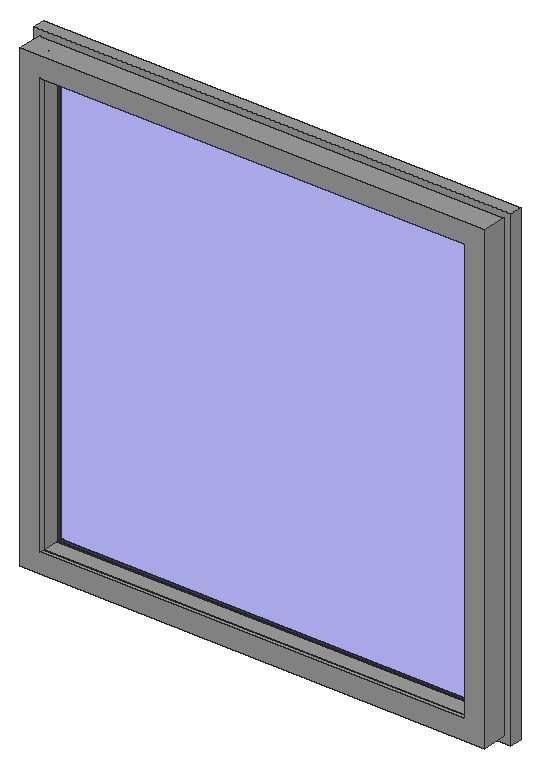
Revit family "ZS-2750 OPCW", category Windows, host Wall, Revit 2015
Parameters
  Wall Thickness [instance] = 0' - 6"
  URL = "obe.com"
  Rough Width = Width + 0' 0 1/4"  # 3' - 0 1/4"
  Rough Height = Height + 0' 0 1/4"  # 3' - 0 1/4"
  Offset Limitation [instance] = if((Offset + 0' 3 1/64") > Wall Thickness, (Wall Thickness - 0' 3 1/64"), Offset)  # 0' - 0"
  Offset [instance] = 0' - 0"
  Model = "ZS-2750 OOCW"
  Manufacturer = "Oldcastle BuildingEnvelope®"
  Keynote = "08 51 00"
  Height = 3' - 0"
  Glass Material = Glass
  Gasket Material = Gasket
  Frame Material = Aluminum
  Description = "ZERO SIGHTLINE 2750"
  Default Sill Height = 3' - 0"
  Wall Closure = By host
  Width = 3' - 0"
  Construction Type = ""
  Assembly Code = "B2020"
Reference planes (in)
  plane 1 "Center (Front/Back)": y = 0
  plane 2: z = 0
  plane 3 "Center (Left/Right)": x = 0
  plane 4 "Left": x = -18.125
  plane 5 "Right": x = 18.125
  plane 6 "Sill": z = 36
  plane 7 "Top": z = 72.25
  plane 8: x = 18
  plane 9: x = -18
  plane 10: z = 72.125
  plane 11: z = 36.125
  plane 12 "Offset": y = 3
  plane 13: z = 36.656875
  plane 14: z = 71.593125
  plane 15: z = 54.125
Forms (in)
  Sweep 1, solid, material "Aluminum" <- "Frame Material"
    path origin (0, 3, 0) x (-1, 0, 0) y (0, 0, 1)
      loop
        line (18, 72.7495) -> (18, 35.5005)
    profile origin (-18, 3, 54.125) x (0, 1, 0) y (-1, 0, 0)
      loop
        line (-3.0158393, 0.125) -> (-3.0158393, -1.389875) -> (-2.6138393, -1.389875) -> (-2.6138393, -0.281) -> (-1.6408393, -0.281) -> (-0.9042011, 0.0625) -> (-0.1248393, 0.0625) -> (-0.1248393, 0.6245) -> (-1.0938393, 0.6245) -> (-1.0938393, 0.125) -> (-3.0158393, 0.125)
  Sweep 2, solid, material "Aluminum" <- "Frame Material"
    path origin (0, 3, 0) x (1, 0, 0) y (0, 0, 1)
      loop
        line (18, 72.7495) -> (18, 35.5005)
    profile origin (18, 3, 54.125) x (0, 1, 0) y (-1, 0, 0)
      loop
        line (-3.0158393, -0.125) -> (-1.0938393, -0.125) -> (-1.0938393, -0.6245) -> (-0.1248393, -0.6245) -> (-0.1248393, -0.0625) -> (-0.9042011, -0.0625) -> (-1.6408393, 0.281) -> (-2.6138393, 0.281) -> (-2.6138393, 1.389875) -> (-3.0158393, 1.389875) -> (-3.0158393, -0.125)
  Sweep 3, solid, material "Aluminum" <- "Frame Material"
    path origin (0, 3, 0) x (-1, 0, 0) y (0, 0, 1)
      loop
        line (-18.625, 72.125) -> (18.625, 72.125)
    profile origin (0, 3, 72.125) x (0, 0, 1) y (0, 1, 0)
      loop
        line (0.125, -3.0158393) -> (0.125, -1.0938393) -> (0.6245, -1.0938393) -> (0.6245, -0.1248393) -> (0.0625, -0.1248393) -> (0.0625, -0.9042011) -> (-0.2813401, -1.6415686) -> (-0.2813401, -2.6138393) -> (-1.389875, -2.6138393) -> (-1.389875, -3.0158393) -> (0.125, -3.0158393)
  Sweep 4, solid, material "Aluminum" <- "Frame Material"
    path origin (0, 3, 127.7706855) x (-1, 0, 0) y (0, 0, -1)
      loop
        line (-18.625, 91.6456855) -> (18.625, 91.6456855)
    profile origin (0, 3, 36.125) x (0, 0, 1) y (0, 1, 0)
      loop
        line (-0.125, -3.0158393) -> (1.389875, -3.0158393) -> (1.389875, -2.6138393) -> (0.281, -2.6138393) -> (0.281, -1.6408393) -> (-0.0625, -0.9042011) -> (-0.0625, -0.1248393) -> (-0.6245, -0.1248393) -> (-0.6245, -1.0938393) -> (-0.125, -1.0938393) -> (-0.125, -3.0158393)
  Extrusion 5, solid, material "Glass" <- "Glass Material", detail levels coarse
    sketch origin (0, 0, 36) x (0, -1, 0) y (1, 0, 0)
      loop
        line (-2, 17.468125) -> (-3, 17.468125) -> (-3, -17.468125) -> (-2, -17.468125) -> (-2, 17.468125)
    from 0.656875 to 35.593125
  Sweep 6, solid, material "Gasket" <- "Gasket Material", detail levels fine
    path origin (0, 3, 0) x (-1, 0, 0) y (0, 0, 1)
      loop
        line (-16.610125, 70.735125) -> (-16.610125, 37.514875) -> (16.610125, 37.514875) -> (16.610125, 70.735125) -> (-16.610125, 70.735125)
    profile origin (0, 3, 70.735125) x (0, 0, 1) y (0, 1, 0)
      loop
        line (-0.0099489, -1.25) -> (0.2780511, -1.25) -> (0.1436625, -1.0155)
        arc (0.1436625, -1.0155) -> (0.1323157, -1.0041532) -> (0.1168157, -1) r 0.031
        line (0.1168157, -1) -> (-0.0319113, -1)
        arc (-0.0319113, -1) -> (-0.0556117, -1.0110177) -> (-0.0624653, -1.0362393) r 0.031
        line (-0.0624653, -1.0362393) -> (-0.0498891, -1.2903615)
        arc (-0.0498891, -1.2903615) -> (-0.0357439, -1.312194) -> (-0.0099489, -1.3155644) r 0.031
        line (-0.0099489, -1.3155644) -> (-0.0099489, -1.25)
  Sweep 7, solid, material "Aluminum" <- "Frame Material"
    path origin (0, 3, 0) x (-1, 0, 0) y (0, 0, 1)
      loop
        line (-18.0625, 72.25) -> (18.0625, 72.25)
    profile origin (0, 3, 72.25) x (0, 0, 1) y (0, 1, 0)
      loop
        line (-0.281875, 0) -> (-0.656875, 0) -> (-0.656875, -1.25493) -> (-1.514875, -1.25493) -> (-1.514875, -2.6138393) -> (-0.4063401, -2.6138393) -> (-0.4063401, -1.6415686) -> (-0.0625, -0.9042011) -> (-0.0625, -0.1248393) -> (-0.281875, -0.1248393) -> (-0.281875, 0)
  Sweep 8, solid, material "Aluminum" <- "Frame Material"
    path origin (0, 3, 0) x (-1, 0, 0) y (0, 0, 1)
      loop
        line (-18.0625, 36) -> (18.0625, 36)
    profile origin (0, 3, 36) x (0, 0, 1) y (0, 1, 0)
      loop
        line (0.281875, 0) -> (0.281875, -0.1248393) -> (0.0625, -0.1248393) -> (0.0625, -0.9042011) -> (0.406, -1.6408393) -> (0.406, -2.6138393) -> (1.514875, -2.6138393) -> (1.514875, -1.25493) -> (0.656875, -1.25493) -> (0.656875, 0) -> (0.281875, 0)
  Sweep 9, solid, material "Aluminum" <- "Frame Material"
    path origin (0, 3, 0) x (-1, 0, 0) y (0, 0, 1)
      loop
        line (18.125, 72.1875) -> (18.125, 36.0625)
    profile origin (-18.125, 3, 54.125) x (0, 1, 0) y (-1, 0, 0)
      loop
        line (0, -0.656875) -> (0, -0.281875) -> (-0.1248393, -0.281875) -> (-0.1248393, -0.0625) -> (-0.9042011, -0.0625) -> (-1.6408393, -0.406) -> (-2.6138393, -0.406) -> (-2.6138393, -1.514875) -> (-1.25493, -1.514875) -> (-1.25493, -0.656875) -> (0, -0.656875)
  Sweep 10, solid, material "Aluminum" <- "Frame Material"
    path origin (0, 3, 0) x (-1, 0, 0) y (0, 0, 1)
      loop
        line (-18.125, 36.0625) -> (-18.125, 72.1875)
    profile origin (18.125, 3, 54.125) x (1, 0, 0) y (0, 1, 0)
      loop
        line (-1.514875, -1.25493) -> (-1.514875, -2.6138393) -> (-0.406, -2.6138393) -> (-0.406, -1.6408393) -> (-0.0625, -0.9042011) -> (-0.0625, -0.1248393) -> (-0.281875, -0.1248393) -> (-0.281875, 0) -> (-0.656875, 0) -> (-0.656875, -1.25493) -> (-1.514875, -1.25493)
  Extrusion 11, solid, material "Glass" <- "Glass Material", detail levels medium+fine
    sketch origin (0, 0, 36) x (0, -1, 0) y (1, 0, 0)
      loop
        line (-3, -17.468125) -> (-2.75, -17.468125) -> (-2.75, 17.468125) -> (-3, 17.468125) -> (-3, -17.468125)
      loop
        line (-2.2373, -17.468125) -> (-2, -17.468125) -> (-2, 17.468125) -> (-2.2373, 17.468125) -> (-2.2373, -17.468125)
    from 0.656875 to 35.593125
  Sweep 12, void
    path origin (0, 3, 0) x (-1, 0, 0) y (0, 0, 1)
      loop
        line (18.125, 72.25) -> (-18.125, 72.25) -> (-18.125, 36) -> (18.125, 36) -> (18.125, 72.25)
    profile origin (0, 3, 72.25) x (0, 0, -1) y (0, 1, 0)
      loop
        line (0, -1.0938393) -> (-0.4995, -1.0938393) -> (-0.4995, -3.0158393) -> (0, -3.0158393) -> (0, -1.0938393)
  Sweep 13, void
    path origin (0, 3, 0) x (-1, 0, 0) y (0, 0, 1)
      loop
        line (18.125, 72.25) -> (-18.125, 72.25) -> (-18.125, 36) -> (18.125, 36) -> (18.125, 72.25)
    profile origin (0, 3, 72.25) x (0, 0, -1) y (0, 1, 0)
      loop
        line (0.281875, -0.1248393) -> (0.281875, 0) -> (0.0625, 0) -> (0.0625, -0.1248393) -> (0.281875, -0.1248393)
Cuts and joins
  Sweep 12 cuts Sweep 1
  Sweep 12 cuts Sweep 2
  Sweep 12 cuts Sweep 3
  Sweep 12 cuts Sweep 4
  joined: Sweep 1, Sweep 2, Sweep 3, Sweep 4
  Sweep 13 cuts Sweep 7
  Sweep 13 cuts Sweep 8
  Sweep 13 cuts Sweep 9
  Sweep 13 cuts Sweep 10
  joined: Sweep 7, Sweep 8, Sweep 9, Sweep 10
Lines and regions (in)
  Opening 1
    outline origin (-60, -3, 0) x (1, 0, 0) y (0, 0, 1)
      loop
        line (41.875, 72.25) -> (41.875, 36) -> (78.125, 36) -> (78.125, 72.25) -> (41.875, 72.25)
  model lines, style "Opening Direction"
    curve 1: line (16.5476597, 3, 37.5773403) -> (0, 3, 70.6726597)
    curve 2: line (0, 3, 70.6726597) -> (-16.5470135, 3, 37.5779863)
Text (in)
  text "EXTERIOR" at (-58.6887958, 50.9069435, 0), in view "Ref. Level"
  text "INTERIOR" at (-58.6887958, -52.7663834, 0), in view "Ref. Level"
  text "Exterior" at (0, 43.6563107, 123.1960383), in view "Left"
  text "Exterior" at (0, 18.2938457, 125.0474676), in view "Right"
Dimensions and locks (in)
  equal spacing: plane 4 "Left", plane 3 "Center (Left/Right)", plane 5 "Right"
  "Rough Width": plane 4 "Left" to plane 5 "Right"
  "Rough Height": plane 6 "Sill" to plane 7 "Top"
  "Default Sill Height": plane 2 to plane 6 "Sill"
  locked: plane 6 "Sill" to plane 11 at 0.125
  locked: plane 8 to plane 5 "Right" at 0.125
  "Height": plane 11 to plane 10
  "Width": plane 9 to plane 8
  "Wall Thickness": host wall to host wall
  "Offset Limitation": host wall to plane 12 "Offset"
  locked: plane 14 to plane 10 at 0.531875
  locked: plane 11 to plane 13 at 0.531875
  plane 12 "Offset" to Extrusion 5 sketch curve to Extrusion 5 sketch curve = 0' - 0" locked, 0' - 1" locked
  locked: plane 7 "Top" to Sweep 1 sketch curve at 0.4995
  locked: Sweep 1 sketch curve to plane 6 "Sill" at 0.4995
  locked: Sweep 2 sketch curve to plane 6 "Sill" at 0.4995
  equal spacing: plane 6 "Sill", plane 15, plane 7 "Top"
  locked: plane 12 "Offset" to Extrusion 11 sketch curve at 0.25
  plane 12 "Offset" to Extrusion 11 sketch curve to Extrusion 11 sketch curve = 0' - 0.7627" locked, 0' - 0.2373" locked
  locked: plane 7 "Top" to Sweep 2 sketch curve at 0.4995
  locked: plane 5 "Right" to Sweep 3 sketch curve at 0.5
  locked: Sweep 3 sketch curve to plane 4 "Left" at 0.5
  locked: Sweep 4 sketch curve to plane 4 "Left" at 0.5
  locked: plane 5 "Right" to Sweep 4 sketch curve at 0.5
  locked: Sweep 7 sketch curve to plane 5 "Right" at 0.0625
  locked: plane 4 "Left" to Sweep 7 sketch curve at 0.0625
  locked: Sweep 8 sketch curve to plane 5 "Right" at 0.0625
  locked: plane 4 "Left" to Sweep 8 sketch curve at 0.0625
  locked: plane 6 "Sill" to Sweep 9 sketch curve at 0.0625
  locked: Sweep 9 sketch curve to plane 7 "Top" at 0.0625
  locked: plane 6 "Sill" to Sweep 10 sketch curve at 0.0625
  locked: Sweep 10 sketch curve to plane 7 "Top" at 0.0625
  aligned and locked: plane 7 "Top" to Opening 1 sketch curve
  aligned and locked: plane 6 "Sill" to Opening 1 sketch curve  (x2)
  aligned and locked: plane 5 "Right" to Opening 1 sketch curve
  aligned and locked: plane 4 "Left" to Opening 1 sketch curve
  aligned and locked: level to plane 2
  aligned and locked: Sweep 1 sketch curve to plane 9
  aligned and locked: Sweep 2 sketch curve to plane 8
  aligned and locked: plane 10 to Sweep 3 sketch curve
  aligned and locked: plane 11 to Sweep 4 sketch curve
  aligned and locked: plane 14 to Extrusion 5
  aligned and locked: Extrusion 5 to plane 13
  aligned and locked: plane 7 "Top" to Sweep 7 sketch curve
  aligned and locked: plane 6 "Sill" to Sweep 8 sketch curve
  aligned and locked: Sweep 9 sketch curve to plane 4 "Left"
  aligned and locked: plane 5 "Right" to Sweep 10 sketch curve
  aligned and locked: Extrusion 11 to plane 13
  aligned and locked: plane 14 to Extrusion 11
  aligned and locked: Sweep 12 sketch curve to plane 7 "Top"
  aligned and locked: Sweep 12 sketch curve to plane 4 "Left"
  aligned and locked: Sweep 12 sketch curve to plane 6 "Sill"
  aligned and locked: Sweep 12 sketch curve to plane 5 "Right"
  aligned and locked: Sweep 13 sketch curve to plane 7 "Top"
  aligned and locked: Sweep 13 sketch curve to plane 4 "Left"
  aligned and locked: Sweep 13 sketch curve to plane 6 "Sill"
  aligned and locked: Sweep 13 sketch curve to plane 5 "Right"
  aligned and locked: plane 3 "Center (Left/Right)" to curve 2
  aligned and locked: Sweep 6 to curve 1
  aligned and locked: curve 2 to Sweep 6
Automatic sketch dimensions
  Sweep 4 sketch curve to plane 12 "Offset" = 0' - 1.09384"
  plane 8 to Extrusion 5 sketch curve = 0' - 0.53188"
  Extrusion 5 sketch curve to plane 9 = 0' - 0.53187"
  profile plane to Sweep 6 sketch curve = 0' - 0.06247"
  profile plane to Sweep 6 sketch curve = 0' - 0.04989"
  profile plane to Sweep 6 sketch curve = 0' - 0.03191"
  profile plane to Sweep 6 sketch curve = 0' - 0.0192"
  profile plane to Sweep 6 sketch curve = 0' - 0.00995"
  Sweep 6 sketch curve to profile plane = 0' - 0.11682"
  Sweep 6 sketch curve to plane 12 "Offset" = 0' - 1.31556"
  Sweep 6 sketch curve to Sweep 6 sketch curve = 0' - 0.0252"
  Sweep 6 sketch curve to Sweep 6 sketch curve = 0' - 0.03598"
  Sweep 6 sketch curve to Sweep 6 sketch curve = 0' - 0.21376"
  Sweep 6 sketch curve to Sweep 6 sketch curve = 0' - 0.00524"
  Sweep 6 sketch curve to Sweep 6 sketch curve = 0' - 0.031"
  Sweep 6 sketch curve to Sweep 6 sketch curve = 0' - 0.02685"
  Sweep 6 sketch curve to profile plane = 0' - 0.27805"
  Sweep 2 sketch curve to plane 12 "Offset" = 0' - 1.09384"
  Sweep 2 sketch curve to Sweep 2 sketch curve = 0' - 0.402"
  Sweep 2 sketch curve to Sweep 2 sketch curve = 0' - 1.10887"
  Sweep 1 sketch curve to plane 12 "Offset" = 0' - 2.61384"
  Sweep 1 sketch curve to Sweep 1 sketch curve = 0' - 0.402"
  Sweep 1 sketch curve to Sweep 1 sketch curve = 0' - 1.10887"
  Sweep 1 sketch curve to Sweep 1 sketch curve = 0' - 0.973"
  Sweep 4 sketch curve to Sweep 4 sketch curve = 0' - 0.402"
  Sweep 4 sketch curve to Sweep 4 sketch curve = 0' - 1.10887"
  Sweep 8 sketch curve to plane 12 "Offset" = 0' - 0"
  Sweep 8 sketch curve to plane 12 "Offset" = 0' - 1.25493"
  Sweep 7 sketch curve to plane 12 "Offset" = 0' - 0"
  profile plane to Sweep 7 sketch curve = 0' - 1.51488"
  Sweep 7 sketch curve to plane 12 "Offset" = 0' - 1.25493"
  Sweep 10 sketch curve to plane 12 "Offset" = 0' - 0"
  Sweep 10 sketch curve to Sweep 10 sketch curve = 0' - 1.10887"
  profile plane to Sweep 10 sketch curve = 0' - 0.28187"
  profile plane to Sweep 7 sketch curve = 0' - 0.28188"
  plane 8 to Sweep 6 sketch curve = 0' - 1.38987"
  Sweep 6 sketch curve to plane 9 = 0' - 1.38987"
  plane 13 to Sweep 6 sketch curve = 0' - 0.858"
  Sweep 6 sketch curve to plane 14 = 0' - 0.858"
  Sweep 4 sketch curve to profile plane = 0' - 0.281"
  Sweep 4 sketch curve to Sweep 4 sketch curve = 0' - 1.52"
  Sweep 4 sketch curve to Sweep 4 sketch curve = 0' - 0.547"
  profile plane to Sweep 4 sketch curve = 0' - 0.6245"
  profile plane to Sweep 4 sketch curve = 0' - 0 1/8"
  Sweep 4 sketch curve to plane 12 "Offset" = 0' - 0.12484"
  profile plane to Sweep 4 sketch curve = 0' - 0 1/16"
  Sweep 4 sketch curve to Sweep 4 sketch curve = 0' - 0.18964"
  Sweep 1 sketch curve to Sweep 1 sketch curve = 0' - 0.547"
  Sweep 1 sketch curve to profile plane = 0' - 0.6245"
  Sweep 1 sketch curve to plane 12 "Offset" = 0' - 0.12484"
  Sweep 1 sketch curve to profile plane = 0' - 0 1/8"
  Sweep 1 sketch curve to profile plane = 0' - 0 1/16"
  Sweep 1 sketch curve to Sweep 1 sketch curve = 0' - 0.18964"
  profile plane to Sweep 1 sketch curve = 0' - 0.281"
  Sweep 2 sketch curve to Sweep 2 sketch curve = 0' - 1.52"
  Sweep 2 sketch curve to Sweep 2 sketch curve = 0' - 0.547"
  Sweep 2 sketch curve to Sweep 2 sketch curve = 0' - 0.18964"
  Sweep 2 sketch curve to profile plane = 0' - 0.281"
  Sweep 2 sketch curve to plane 12 "Offset" = 0' - 0.12484"
  Sweep 2 sketch curve to Sweep 2 sketch curve = 0' - 0.562"
  profile plane to Sweep 2 sketch curve = 0' - 0 1/16"
  profile plane to Sweep 2 sketch curve = 0' - 0 1/8"
  Extrusion 11 sketch curve to plane 12 "Offset" = 0' - 0"
  Extrusion 11 sketch curve to plane 9 = 0' - 0.53187"  (x2)
  plane 8 to Extrusion 11 sketch curve = 0' - 0.53188"  (x2)
  Sweep 7 sketch curve to plane 12 "Offset" = 0' - 0.12484"
  profile plane to Sweep 7 sketch curve = 0' - 0 1/16"
  Sweep 7 sketch curve to Sweep 7 sketch curve = 0' - 0.77936"
  profile plane to Sweep 7 sketch curve = 0' - 0.40634"
  Sweep 7 sketch curve to Sweep 7 sketch curve = 0' - 0 3/8"
  Sweep 7 sketch curve to Sweep 7 sketch curve = 0' - 0.38664"
  Sweep 7 sketch curve to Sweep 7 sketch curve = 0' - 0.97227"
  profile plane to Sweep 3 sketch curve = 0' - 1.38988"
  profile plane to Sweep 3 sketch curve = 0' - 0.28134"
  Sweep 3 sketch curve to profile plane = 0' - 0 1/16"
  Sweep 3 sketch curve to profile plane = 0' - 0 1/8"
  Sweep 3 sketch curve to plane 12 "Offset" = 0' - 0.12484"
  Sweep 3 sketch curve to Sweep 3 sketch curve = 0' - 0.562"
  Sweep 3 sketch curve to Sweep 3 sketch curve = 0' - 0.77936"
  Sweep 3 sketch curve to Sweep 3 sketch curve = 0' - 0.18964"
  Sweep 3 sketch curve to Sweep 3 sketch curve = 0' - 0.54773"
  Sweep 3 sketch curve to Sweep 3 sketch curve = 0' - 0.97227"
  Sweep 3 sketch curve to Sweep 3 sketch curve = 0' - 0.402"
  Sweep 8 sketch curve to profile plane = 0' - 0.406"
  Sweep 8 sketch curve to Sweep 8 sketch curve = 0' - 1.35891"
  Sweep 8 sketch curve to plane 12 "Offset" = 0' - 0.12484"
  Sweep 8 sketch curve to profile plane = 0' - 0 1/16"
  Sweep 8 sketch curve to Sweep 8 sketch curve = 0' - 0.77936"
  Sweep 8 sketch curve to Sweep 8 sketch curve = 0' - 0.21938"
  Sweep 8 sketch curve to Sweep 8 sketch curve = 0' - 0 3/8"
  Sweep 8 sketch curve to Sweep 8 sketch curve = 0' - 1.10888"
  Sweep 8 sketch curve to Sweep 8 sketch curve = 0' - 0.38591"
  Sweep 9 sketch curve to plane 12 "Offset" = 0' - 0"
  Sweep 9 sketch curve to plane 12 "Offset" = 0' - 0.12484"
  profile plane to Sweep 9 sketch curve = 0' - 0 1/16"
  Sweep 9 sketch curve to Sweep 9 sketch curve = 0' - 0.77936"
  Sweep 9 sketch curve to plane 12 "Offset" = 0' - 1.25493"
  Sweep 9 sketch curve to Sweep 9 sketch curve = 0' - 0.38591"
  Sweep 9 sketch curve to Sweep 9 sketch curve = 0' - 0.973"
  Sweep 9 sketch curve to Sweep 9 sketch curve = 0' - 0.21938"
  profile plane to Sweep 9 sketch curve = 0' - 0.406"
  Sweep 9 sketch curve to Sweep 9 sketch curve = 0' - 0 3/8"
  Sweep 9 sketch curve to Sweep 9 sketch curve = 0' - 1.10887"
  Sweep 10 sketch curve to Sweep 10 sketch curve = 0' - 0 3/8"
  Sweep 10 sketch curve to Sweep 10 sketch curve = 0' - 1.35891"
  Sweep 10 sketch curve to Sweep 10 sketch curve = 0' - 1.13009"
  Sweep 10 sketch curve to plane 12 "Offset" = 0' - 0.12484"
  profile plane to Sweep 10 sketch curve = 0' - 0 1/16"
  Sweep 10 sketch curve to Sweep 10 sketch curve = 0' - 0.77936"
  profile plane to Sweep 10 sketch curve = 0' - 0.406"
  Sweep 10 sketch curve to Sweep 10 sketch curve = 0' - 1.516"
  Sweep 12 sketch curve to plane 12 "Offset" = 0' - 1.09384"
  profile plane to Sweep 12 sketch curve = 0' - 0.4995"
  Sweep 12 sketch curve to Sweep 12 sketch curve = 0' - 1.922"
  Sweep 12 sketch curve to profile plane = 0' - 0"
  Sweep 13 sketch curve to plane 12 "Offset" = 0' - 0.12484"
  Sweep 13 sketch curve to profile plane = 0' - 0.28188"
  Sweep 13 sketch curve to profile plane = 0' - 0 1/16"
  Sweep 13 sketch curve to plane 12 "Offset" = 0' - 0"
  curve 2 to plane 14 = 0' - 0.92047"
  plane 13 to curve 2 = 0' - 0.92111"
  plane 13 to curve 1 = 0' - 0.92047"
